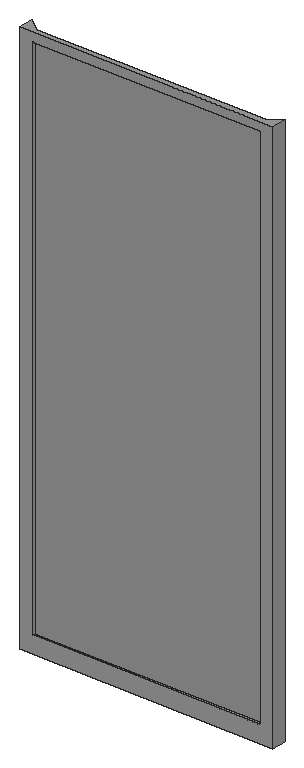
Revit family "IS_Connect_T9835_BIM_BE", category Plumbing Fixtures, host Face, Revit 2015
Parameters (values of type "T9835EO - Connect Porte pivotante 900 mm verre transparent")
  Wisselstukken = "isaftersalesbelgium@idealstandard.com"
  WaarborgGarantieInstallatie = "n/a"
  Vorm = "n/a"
  Volumeunits = "liter"
  Verwachtelevensduur = "25 jaar"
  Vervangingskosten = 0
  Versie = "1"
  ValutaEenheid = "n/a"
  Urlproducent = "www.idealstandard.be"
  Uniclass2015Version = "Products v1.1"
  Uniclass2015Referentie = ""
  Uniclass2015Beschrijving = "Douche"
  URL = "www.idealstandard.be"
  Typeconnectie = "Sanitair"
  Type Comments = "n/a"
  Toepassing = "n/a"
  Telefoonnummer = "0032 2 325 66 00"
  Revisie = "n/a"
  Referentie = "n/a"
  Productinformatie = "www.idealstandard.be"
  ProductSoort = "n/a"
  OppervlakteEenheid = "n/a"
  OppervlakteAfmeting = "n/a"
  Normen = "n/a"
  Nettogewicht = 22
  Model = "T9835EO"
  Merk = "Ideal Standard"
  Materiaal = "Veiligheidsglas"
  Manufacturer = "www.idealstandard.be"
  Longueur = 900 mm
  Lengte = 0 mm
  Largeur = 50 mm
  Kwaliteitsgraad = "n/a"
  Kleur = "Aluminium zilverkleurig"
  Installatieinstructies = "www.idealstandard.be"
  IfcExportType = "SHOWERS"
  IfcExportAs = "IfcValveTypes"
  Hulp = "issalesbelgium@idealstandard.com"
  Hoogte = "n/a"
  Hauteur = 1980 mm
  GrootteAfvoergat = 0
  GemaaktOp = "n/a"
  Garantieunits = "isaftersalesbelgium@idealstandard.com"
  Garantieonderdelen = "2"
  GarantieduurInstallatie = "n/a"
  Functieindoucheruimte = ""
  Eigenschappen = "Connect glazen draaideur 900mm in 4 mm transparant veiligheidsglas\r\nbehandeld met Ideal Clean. Met aluminium muurprofiel zilverkleurig.\r\nMet geïntegreerde handgrepen. Hoogte 1900 mm. De deur opent\r\nenkel naar buiten. Omkeerbaar. Voor nis- of hoekopstelling. Voor\r\nhoekopstelling dient u 2 panelen te bestellen."
  Duurzaamheid = "n/a"
  DuurEenheid = "jaar"
  Douchebak = no
  Distributeur = "n/a"
  Dimensions = "900 x 50 x 1980 mm"
  Diepte = 0 mm
  Description = "Connect Porte pivotante 900 mm verre transparent"
  Default Elevation = 0 mm
  Cost = 0
  BrutoGewicht = 0
  Breedte = 0
  BimObjectNaam = "ISI_IdealStandard_Douche_Connect_T9835EO"
  Bestanddelen = "n/a"
  Beschrijvinggarantie = "Fabrieksgarantie"
  Beschrijvingdouchekop = "0"
  Barrièrevrijwonen = "n/a"
  Barcode = "8014140381891"
  Auteur = "Ideal Standard Produktions-GmbH"
  Artikelreferentie = "n/a"
  Artikelomschrijving = "n/a"
  Artikelnummer = "n/a"
  Afwerking = "Zilverkleurig aluminium"
  AfstandsEenheid = "n/a"
  Afmetingen = "n/a"
  Accesoires = "www.idealstandard.be"
Reference planes
  plane 1 "Center (Front/Back)": y = 0
  plane 2: z = 0
  plane 3 "Center (Left/Right)": x = 0
  plane 4: x = -450
  plane 5: x = 450
  plane 6: x = -405
  plane 7: x = 405
  plane 8: z = 1980
  plane 9: z = 1950
  plane 10: y = -50
  plane 11: y = -50
Forms (mm)
  Extrusion 1, solid, material "IS_RenderMaterial_ChromePolished"
    sketch origin (-430, 690, 0) x (1, 0, 0) y (0, 1, 0)
      loop
        line (-20, -740) -> (880, -740) -> (880, -690) -> (834.93, -720) -> (25.07, -720) -> (-20, -690) -> (-20, -740)
    from 0 to 1980
  Extrusion 2, void
    sketch origin (-1661.25, -40, 2286) x (1, 0, 0) y (0, 0, 1)
      loop
        line (1256.25, -336) -> (1256.25, -2226) -> (2066.25, -2226) -> (2066.25, -336) -> (1256.25, -336)
    from 10 to -10
  Extrusion 3, solid, material "Glass, Clear Glazing, Tempered", detail levels medium+fine
    sketch origin (-225, -3741.984, 60) x (-1, 0, 0) y (0, -1, 0)
      loop
        line (180, -3712) -> (180, -3702) -> (-630, -3702) -> (-630, -3712) -> (180, -3712)
    from 0 to 1890
Cuts and joins
  Extrusion 2 cuts Extrusion 1
Dimensions and locks
  "Hauteur": plane 8 to level
  "Largeur": plane 1 "Center (Front/Back)" to plane 11
  "Longueur": plane 4 to plane 5
  aligned and locked: plane 2 to host face
  aligned and locked: level to host face
  aligned and locked: Extrusion 2 to Extrusion 1
  aligned and locked: Extrusion 3 to plane 7
  aligned and locked: Extrusion 2 to Extrusion 3
  aligned and locked: plane 8 to Extrusion 1
  aligned and locked: Extrusion 2 to plane 9
  aligned and locked: Extrusion 3 to cut or joined group of Extrusion 1, Extrusion 2
Automatic sketch dimensions
  host sketch curve to host sketch curve = 2438.4 mm  (x2)
  Extrusion 1 sketch curve to plane 4 = 0 mm
  plane 1 "Center (Front/Back)" to Extrusion 1 sketch curve = 0 mm  (x2)
  Extrusion 1 sketch curve to plane 5 = 0 mm
  plane 10 to Extrusion 1 sketch curve = 0 mm
  Extrusion 1 sketch curve to plane 6 = 0.07 mm
  Extrusion 1 sketch curve to plane 7 = 0.07 mm
  Extrusion 1 sketch curve to plane 10 = 20 mm
  plane 6 to Extrusion 2 sketch curve = 0 mm
  Extrusion 2 sketch curve to plane 7 = 0 mm
  Extrusion 2 sketch curve to plane 9 = 0 mm
  level to Extrusion 2 sketch curve = 60 mm
  Extrusion 3 sketch curve to plane 7 = 0 mm
  Extrusion 3 sketch curve to plane 6 = 0 mm
  Extrusion 3 sketch curve to plane 10 = 20.016 mm
  Extrusion 3 sketch curve to Extrusion 3 sketch curve = 10 mm
